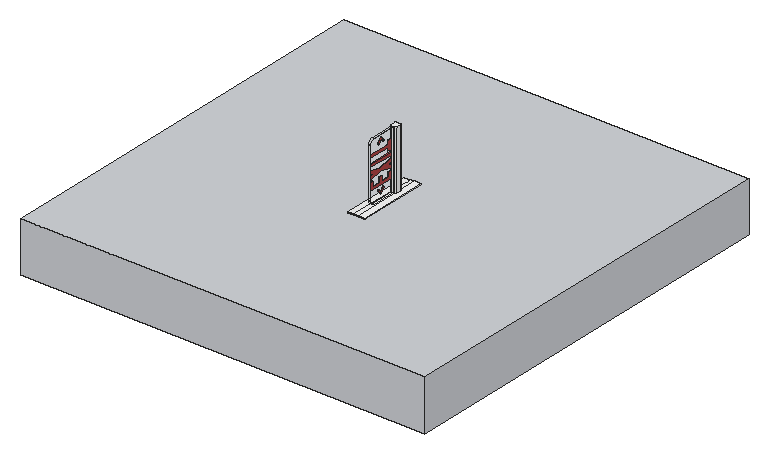
Revit family "LE_E", category Lighting Fixtures, host Face, Revit 2021
Family settings
  Host = Face
  Round Connector Dimension = Use Diameter
  Part Type = Normal
  OmniClass Number = 23.80.70.11.21
  OmniClass Title = Emergency Lighting
  Cut with Voids When Loaded = No
  Light Source = Yes
  Shared = No
  Room Calculation Point = No
Parameters (values of type "LE-W")
  Wattage Comments = "2.2-5 W"
  Wattage = 5 W
  built-in parameter 1150110 = 1 (stored number, unit not read)
  URL = "https://www.currentlighting.com/lifeshield"
  built-in parameter 1114217 = 1 (stored number, unit not read)
  built-in parameter 1150109 = 1 (stored number, unit not read)
  built-in parameter 1150134 = 3
  built-in parameter 1150113 = 1 (stored number, unit not read)
  Product Page URL = ""
  Product Documentation Link = ""
  Mounting = "Wall Mount"  # constant formula
  Model = "LE"  # constant formula
  Manufacturer Phone = ""
  Manufacturer Fax = ""
  Manufacturer = "Lifeshield"  # constant formula
  built-in parameter 1150105 = 59.103 (stored number, unit not read)
  Lumens = 742.71 lm
  built-in parameter 1150115 = 1 (stored number, unit not read)
  Light Source Symbol Size = 1/4"
  built-in parameter 1150137 = (empty or 0)
  built-in parameter 1150139 = (empty or 0)
  Lettering = Red
  built-in parameter 1150112 = 1 (stored number, unit not read)
  built-in parameter 1150114 = 1 (stored number, unit not read)
  Lamp = "LED"  # constant formula
  built-in parameter 1150132 = (empty or 0)
  built-in parameter 1150102 = (empty or 0)
  built-in parameter 1150107 = 3200 (stored number, unit not read)
  built-in parameter 1150138 = (empty or 0)
  built-in parameter 1150106 = 0.59103 (stored number, unit not read)
  Glass = Glass
  Family = "Outdoor Emergency Lighting"  # constant formula
  Emit from Line Length = 13"
  built-in parameter 1150104 = 13.8 (stored number, unit not read)
  Dimming Lamp Color Temperature Shift = <None>
  Description = "Recessed Mounting Architectural Edge-Lit LED Exit Signs"  # constant formula
  Default Elevation = 48"
  Color Filter = 16777215
  built-in parameter 1114218 = 1 (stored number, unit not read)
  Backbox = White
  built-in parameter 1150133 = 10 (stored number, unit not read)
Reference planes (in)
  plane 1 "Center (Front/Back)": y = 0.03999
  plane 2: z = 0.06357
  plane 3 "Center (Left/Right)": x = 0
  plane 4: x = -8.375
  plane 5: x = 8.375
  plane 6: z = 7.56357
  plane 7: x = -7
  plane 8: x = 7
  plane 9: z = 0.24169
  plane 10: y = -0.58302
  plane 11: y = -0.58302
  plane 12: x = 0.30306
  plane 13: z = 14.27619
Forms (in)
  Extrusion 1, solid
    sketch origin (0, 0, 0.06357) x (1, 0, 0) y (0, 1, 0)
      loop
        line (-48, 48) -> (-48, -48) -> (48, -48) -> (48, 48) -> (-48, 48)
    from 0 to -12
  Extrusion 2, solid, material "White" <- "Backbox"
    sketch origin (0.41886, 3.48118, 7.27619) x (1, 0, 0) y (0, 1, 0)
      loop
        arc (0.22676, 0.4929) -> (0.16818, 0.63433) -> (0.02676, 0.6929) r 0.2
        line (0.02676, 0.6929) -> (-0.94824, 0.6929)
        arc (-0.94824, 0.6929) -> (-1.08966, 0.63433) -> (-1.14824, 0.4929) r 0.2
        line (-1.14824, 0.4929) -> (-1.14824, -0.6071)
        arc (-1.14824, -0.6071) -> (-1.08966, -0.74852) -> (-0.94824, -0.8071) r 0.2
        line (-0.94824, -0.8071) -> (0.02676, -0.8071)
        arc (0.02676, -0.8071) -> (0.16818, -0.74852) -> (0.22676, -0.6071) r 0.2
        line (0.22676, -0.6071) -> (0.22676, 0.4929)
    from -7.0345 to 7
  Extrusion 3, solid, material "Glass" <- "Glass"
    sketch origin (-0.04188, -4.47791, 7.27619) x (0, 0, -1) y (0, -1, 0)
      loop
        line (-7, -7.152) -> (7, -7.152) -> (7, -1.37754)
        arc (7, -1.37754) -> (6.67609, -0.59556) -> (5.89411, -0.27165) r 1.10589
        arc (5.89411, -0.27165) -> (0, -0.04018) -> (-5.89411, -0.27165) r 75.15963
        arc (-5.89411, -0.27165) -> (-6.67609, -0.59556) -> (-7, -1.37754) r 1.10589
        line (-7, -1.37754) -> (-7, -7.152)
    from 0.25 to -0.25
  Extrusion 4, solid, material "Red" <- "Lettering"
    sketch origin (-0.06692, -5.63117, 7.30058) x (0, 0, -1) y (0, -1, 0)
      loop
        line (3.5363, -7.32353) -> (2.35428, -7.32353) -> (2.35428, -7.82353) -> (4.0363, -7.82353) -> (4.0363, -4.92704) -> (4.0363, -2.03056) -> (2.35428, -2.03056) -> (2.35428, -2.53056) -> (3.5363, -2.53056) -> (3.5363, -4.61247) -> (2.35428, -4.61247) -> (2.35428, -4.92704) -> (2.35428, -5.24161) -> (3.5363, -5.24161) -> (3.5363, -7.32353)
      loop
        line (1.75358, -7.82243) -> (1.08513, -4.92704) -> (1.75358, -2.03165) -> (1.09829, -2.03165) -> (0.81025, -2.82304) -> (0.52221, -2.03165) -> (-0.13308, -2.03165) -> (0.53537, -4.92704) -> (-0.13308, -7.82243) -> (0.52221, -7.82243) -> (0.81025, -7.03104) -> (1.09829, -7.82243) -> (1.75358, -7.82243)
      loop
        line (-0.89572, -7.82353) -> (-0.89572, -2.03165) -> (-1.49555, -2.03165) -> (-1.49555, -7.82353) -> (-0.89572, -7.82353)
      loop
        line (-2.87478, -7.16714) -> (-2.87478, -2.03056) -> (-3.47461, -2.03056) -> (-3.47461, -7.16714) -> (-4.34338, -7.16714) -> (-4.34338, -7.82243) -> (-2.09338, -7.82243) -> (-2.09338, -7.16714) -> (-2.87478, -7.16714)
    from 0.36997 to 0.22497
  Extrusion 5, solid, material "Red"
    sketch origin (0.01307, 2.44067, 7.50242) x (0, 0, -1) y (0, -1, 0)
      loop
        line (-4.97072, 3.79907) -> (-5.7461, 3.02369) -> (-4.97072, 2.24831) -> (-4.58478, 2.24831) -> (-5.36016, 3.02369) -> (-4.58478, 3.79907) -> (-4.97072, 3.79907)
      loop
        line (5.42318, 3.79907) -> (5.03724, 3.79907) -> (5.81262, 3.02369) -> (5.03724, 2.24831) -> (5.42318, 2.24831) -> (6.19856, 3.02369) -> (5.42318, 3.79907)
    from 0.44996 to 0.30495
  Extrusion 6, solid, material "White" <- "Backbox"
    sketch origin (-0.03999, 0.03999, 7.62714) x (1, 0, 0) y (0, 0, 1)
      loop
        line (2.03999, -7.56357) -> (2.03999, -7.47461)
        arc (2.03999, -7.47461) -> (1.29749, -7.42897) -> (0.55618, -7.36686) r 33.54002
        arc (0.55618, -7.36686) -> (0.02184, -7.35387) -> (-0.51242, -7.37006) r 9.79246
        arc (-0.51242, -7.37006) -> (-1.23565, -7.43011) -> (-1.96001, -7.47449) r 33.54002
        line (-1.96001, -7.47449) -> (-1.96001, -7.56357) -> (2.03999, -7.56357)
    from -8.375 to 8.375
Dimensions and locks (in)
  locked: plane 4 to plane 3 "Center (Left/Right)" at 8.375
  locked: plane 5 to plane 3 "Center (Left/Right)" at 8.375
  locked: plane 6 to level at 7.5
  plane 4 to plane 7 to plane 3 "Center (Left/Right)" = 1 3/8", 7"
  plane 5 to plane 8 to plane 3 "Center (Left/Right)" = 1 3/8", 7"
  locked: level to Extrusion 2 at 14.21263
  locked: Extrusion 2 to plane 1 "Center (Front/Back)" at 2.63409
  plane 1 "Center (Front/Back)" to Extrusion 3 = 2.63409"
  locked: level to Extrusion 4 at 3.70071
  plane 1 "Center (Front/Back)" to Extrusion 5 = 1.39839"
  locked: Extrusion 3 to level at 0.21263
  aligned and locked: plane 2 to Extrusion 1
  aligned and locked: Extrusion 4 sketch curve to Extrusion 4 sketch curve
  aligned and locked: Extrusion 5 sketch curve to plane 10  (x4)
  aligned and locked: plane 11 to Extrusion 5 sketch curve  (x4)
  aligned and locked: Extrusion 6 to level  (x2)
  aligned and locked: imposter light to Extrusion 2
  aligned and locked: Extrusion 3 to Extrusion 2
  aligned and locked: Extrusion 5 to Extrusion 3  (x2)
  aligned and locked: Extrusion 5 to Extrusion 4
  aligned and locked: Extrusion 4 to Extrusion 3
  aligned and locked: Extrusion 2 to plane 9
  aligned and locked: plane 13 to Extrusion 2
  aligned and locked: Extrusion 3 to imposter light
Connectors (in)
  electrical at (0, 0, 0.06357), driven by "Description"
    settings: index 1, voltage 0 V, apparent load 0 VA, apparent load phase1 0 VA, apparent load phase2 0 VA, apparent load phase3 0 VA, power factor 1, load classification "Other", number of poles 1, system type 30, power factor state 1, is connector primary yes, connector utility no, sub classification motor no, connector description "Recessed Mounting Architectural Edge-Lit LED Exit Signs"
